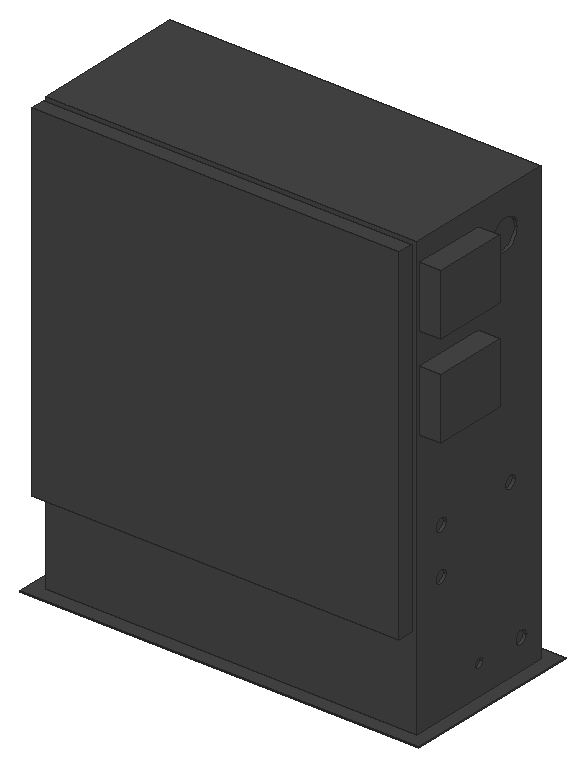
Revit family "SP4180W_Revit", category Mechanical Equipment, Revit 2014
Parameters (values of type "Standard")
  d136 = 0' - 0"
  d134 = 0' - 0"
  d132 = 0' - 0"
  d130 = 2' - 1.752"
  d128 = 2' - 4.472"
  d126 = 1' - 10.407"
  d124 = 0' - 0.2685"
  d118 = 0' - 1.406"
  d116 = 0' - 1.406"
  d114 = 0' - 0 1/4"
  d112 = 0' - 0 1/4"
  d110 = 0' - 0 1/4"
  d108 = 0' - 0 1/4"
  d106 = 0' - 0 1/4"
  d104 = 0' - 0 1/4"
  URL = "www.neptronic.com"
  Part Number = "SP4180W_Shrinkwrap_test"
  Model = "SK302-W, SK304-W, SK306-W"
  Manufacturer = "Neptronic"
  Extrusion_End_2 = -d134  # 0' - 0"
  Extrusion_End_1 = -d132  # 0' - 0"
  Designer = "Antoine"
  Design Status = 1
  Description = "Electric Resistive humidifier Weather proof"
  Date Created = "2014-05-02 07:58:44"
  Connector_9_Diameter = 0' - 0"
  Connector_8_Diameter = 0' - 0"
  Connector_7_Diameter = 0' - 0"
  Connector_6_Diameter = 0' - 0"
  Connector_5_Diameter = 0' - 0"
  Connector_4_Diameter = 0' - 0"
  Connector_3_Diameter = 0' - 0"
  Connector_11_Diameter = 0' - 0"
  Connector_10_Diameter = 0' - 0"
  Author = "Antoine"
Reference planes (in)
  plane 1 "Center (Front/Back)": y = 0
  plane 2: z = 0
  plane 3 "Center (Left/Right)": x = 0
  plane 4: x = 12.876
  plane 5: x = -12.876
  plane 6: z = -62.917
  plane 7: z = -34.445
  plane 8: z = -34.5075
  plane 9: z = -56.9145
  plane 10: y = -5.58567
  plane 11: y = -5.85417
  plane 12: x = 11.981
  plane 13: x = 13.387
  plane 14: x = 11.981
  plane 15: x = 13.387
  plane 16: x = 11.981
  plane 17: x = 11.731
  plane 18: x = 11.981
  plane 19: x = 11.731
  plane 20: x = 11.981
  plane 21: x = 11.731
  plane 22: x = 11.981
  plane 23: x = 11.731
  plane 24: x = 11.981
  plane 25: x = 11.731
  plane 26: x = 11.981
  plane 27: x = 11.731
Forms (in)
  Extrusion 1, solid
    sketch origin (12.876, 0, 0) x (0, -1, 0) y (0, 0, -1)
      loop
        line (6.52467, 62.917) -> (6.52467, 62.978) -> (-5.29033, 62.978) -> (-5.29033, 62.917) -> (6.52467, 62.917)
    from 0 to -25.752
  Extrusion 2, solid
    sketch origin (0, 0, -62.917) x (-1, 0, 0) y (0, -1, 0)
      loop
        line (11.981, -4.44883) -> (11.981, 5.58567) -> (-11.981, 5.58567) -> (-11.981, -4.44883) -> (11.981, -4.44883)
    from 0 to 28.472
  Extrusion 3, solid
    sketch origin (0, 0, -34.5075) x (-1, 0, 0) y (0, -1, 0)
      loop
        line (11.846, 6.85417) -> (-11.846, 6.85417) -> (-11.846, 5.85417) -> (11.846, 5.85417) -> (11.846, 6.85417)
    from 0 to -22.407
  Extrusion 4, solid
    sketch origin (0, -5.58567, 0) x (-1, 0, 0) y (0, 0, -1)
      loop
        line (11.124, 35.258) -> (11.124, 56.165) -> (-11.124, 56.165) -> (-11.124, 35.258) -> (11.124, 35.258)
    from 0 to 0.2685
  Extrusion 5, solid
    sketch origin (11.981, 0, 0) x (0, -1, 0) y (0, 0, -1)
      loop
        line (5.39467, 39.641) -> (0.66967, 39.641) -> (0.66967, 35.691) -> (5.39467, 35.691) -> (5.39467, 39.641)
    from 0 to 1.406
  Extrusion 6, solid
    sketch origin (11.981, 0, 0) x (0, -1, 0) y (0, 0, -1)
      loop
        line (5.39467, 45.641) -> (0.66967, 45.641) -> (0.66967, 41.691) -> (5.39467, 41.691) -> (5.39467, 45.641)
    from 0 to 1.406
  Extrusion 7, void
    sketch origin (11.981, 0, 0) x (0, -1, 0) y (0, 0, -1)
      loop
        circle (-1.53183, 37.138) r 1
    from 0 to -0.25
  Extrusion 8, void
    sketch origin (11.981, 0, 0) x (0, -1, 0) y (0, 0, -1)
      loop
        circle (3.62287, 54.64521) r 0.4375
    from 0 to -0.25
  Extrusion 9, void
    sketch origin (11.981, 0, 0) x (0, -1, 0) y (0, 0, -1)
      loop
        circle (-1.94883, 51.6235) r 0.421
    from 0 to -0.25
  Extrusion 10, void
    sketch origin (11.981, 0, 0) x (0, -1, 0) y (0, 0, -1)
      loop
        circle (0.57317, 60.978) r 0.3125
    from 0 to -0.25
  Extrusion 11, void
    sketch origin (11.981, 0, 0) x (0, -1, 0) y (0, 0, -1)
      loop
        circle (-2.80633, 60.978) r 0.4375
    from 0 to -0.25
  Extrusion 12, void
    sketch origin (11.981, 0, 0) x (0, -1, 0) y (0, 0, -1)
      loop
        circle (3.62287, 51.64521) r 0.4375
    from 0 to -0.25
  Extrusion 13, void
    sketch origin (-11.981, 4.44883, -34.445) x (0, 0, -1) y (0, -1, 0)
      loop
        circle (2.693, 2.961) r 1
    from 0 to -0.25
  Extrusion 14, void
    sketch origin (12.876, -6.52467, -62.978) x (0, 1, 0) y (1, 0, 0)
      loop
        circle (7.035, -6.876) r 0.8065
      loop
        circle (9.309, -13.769) r 0.439
      loop
        circle (5.9075, -12.876) r 0.3125
      loop
        circle (2.9925, -4.31242) r 0.4375
      loop
        circle (2.9925, -7.31242) r 0.4375
    from 0 to -0.25
  Extrusion 15, solid
    sketch origin (12.876, -6.52467, -62.978) x (0, 1, 0) y (1, 0, 0)
      loop
        circle (7.7382, -3.4285) r 0.75
      loop
        circle (7.7382, -3.4285) r 0.5315
    from 0 to 0.25
Cuts and joins
  Extrusion 7, Extrusion 8, Extrusion 9, Extrusion 10, Extrusion 11, Extrusion 12, Extrusion 13, Extrusion 14 cuts Extrusion 1
  Extrusion 7, Extrusion 8, Extrusion 9, Extrusion 10, Extrusion 11, Extrusion 12, Extrusion 13, Extrusion 14 cuts Extrusion 2
  Extrusion 7, Extrusion 8, Extrusion 9, Extrusion 10, Extrusion 11, Extrusion 12, Extrusion 13, Extrusion 14 cuts Extrusion 3
  Extrusion 7, Extrusion 8, Extrusion 9, Extrusion 10, Extrusion 11, Extrusion 12, Extrusion 13, Extrusion 14 cuts Extrusion 4
  Extrusion 7, Extrusion 8, Extrusion 9, Extrusion 10, Extrusion 11, Extrusion 12, Extrusion 13, Extrusion 14 cuts Extrusion 5
  Extrusion 7, Extrusion 8, Extrusion 9, Extrusion 10, Extrusion 11, Extrusion 12, Extrusion 13, Extrusion 14 cuts Extrusion 6
  joined: Extrusion 1, Extrusion 2, Extrusion 3, Extrusion 4, Extrusion 5, Extrusion 6, Extrusion 15
Lines and regions (in)
  reference lines
    curve 1: line (12.876, -6.52467, -62.917) -> (12.876, -6.52467, -62.978)
    curve 2: line (12.876, -6.52467, -62.978) -> (12.876, 5.29033, -62.978)
    curve 3: line (12.876, 5.29033, -62.917) -> (12.876, 5.29033, -62.978)
    curve 4: line (12.876, -6.52467, -62.917) -> (12.876, 5.29033, -62.917)
    curve 5: line (-11.981, 4.44883, -62.917) -> (11.981, 4.44883, -62.917)
    curve 6: line (11.981, 4.44883, -62.917) -> (11.981, -5.58567, -62.917)
    curve 7: line (11.981, -5.58567, -62.917) -> (-11.981, -5.58567, -62.917)
    curve 8: line (-11.981, -5.58567, -62.917) -> (-11.981, 4.44883, -62.917)
    curve 9: line (-11.846, -6.85417, -34.5075) -> (11.846, -6.85417, -34.5075)
    curve 10: line (11.846, -6.85417, -34.5075) -> (11.846, -5.85417, -34.5075)
    curve 11: line (-11.846, -5.85417, -34.5075) -> (11.846, -5.85417, -34.5075)
    curve 12: line (-11.846, -6.85417, -34.5075) -> (-11.846, -5.85417, -34.5075)
    curve 13: line (-11.124, -5.58567, -35.258) -> (11.124, -5.58567, -35.258)
    curve 14: line (11.124, -5.58567, -35.258) -> (11.124, -5.58567, -56.165)
    curve 15: line (11.124, -5.58567, -56.165) -> (-11.124, -5.58567, -56.165)
    curve 16: line (-11.124, -5.58567, -56.165) -> (-11.124, -5.58567, -35.258)
    curve 17: line (11.981, -5.39467, -39.641) -> (11.981, -5.39467, -35.691)
    curve 18: line (11.981, -5.39467, -35.691) -> (11.981, -0.66967, -35.691)
    curve 19: line (11.981, -0.66967, -35.691) -> (11.981, -0.66967, -39.641)
    curve 20: line (11.981, -0.66967, -39.641) -> (11.981, -5.39467, -39.641)
    curve 21: line (11.981, -5.39467, -45.641) -> (11.981, -5.39467, -41.691)
    curve 22: line (11.981, -5.39467, -41.691) -> (11.981, -0.66967, -41.691)
    curve 23: line (11.981, -0.66967, -41.691) -> (11.981, -0.66967, -45.641)
    curve 24: line (11.981, -0.66967, -45.641) -> (11.981, -5.39467, -45.641)
    curve 25: circle (11.981, 1.53183, -37.138) r 1 normal (1, 0, 0)
    curve 26: circle (11.981, -3.62287, -54.64521) r 0.4375 normal (1, 0, 0)
    curve 27: circle (11.981, 1.94883, -51.6235) r 0.421 normal (1, 0, 0)
    curve 28: circle (11.981, -0.57317, -60.978) r 0.3125 normal (1, 0, 0)
    curve 29: circle (11.981, 2.80633, -60.978) r 0.4375 normal (1, 0, 0)
    curve 30: circle (11.981, -3.62287, -51.64521) r 0.4375 normal (1, 0, 0)
    curve 31: circle (-11.981, 1.48783, -37.138) r 1 normal (-1, 0, 0)
    curve 32: circle (6, 0.51033, -62.978) r 0.8065 normal (0, 0, -1)
    curve 33: circle (-0.893, 2.78433, -62.978) r 0.439 normal (0, 0, -1)
    curve 34: circle (0, -0.61717, -62.978) r 0.3125 normal (0, 0, -1)
    curve 35: circle (8.56358, -3.53217, -62.978) r 0.4375 normal (0, 0, -1)
    curve 36: circle (5.56358, -3.53217, -62.978) r 0.4375 normal (0, 0, -1)
    curve 37: circle (9.4475, 1.21353, -62.978) r 0.75 normal (0, 0, -1)
    curve 38: circle (9.4475, 1.21353, -62.978) r 0.5315 normal (0, 0, -1)
Dimensions and locks (in)
  "d130": plane 5 to plane 4
  "d128": plane 6 to plane 7
  "d126": plane 9 to plane 8
  "d124": plane 10 to plane 11
  "d118": plane 12 to plane 13
  "d116": plane 14 to plane 15
  "d114": plane 17 to plane 16
  "d112": plane 19 to plane 18
  "d110": plane 21 to plane 20
  "d108": plane 23 to plane 22
  "d106": plane 25 to plane 24
  "d104": plane 27 to plane 26
  aligned and locked: plane 2 to level
  aligned and locked: plane 5 to Extrusion 1
  aligned and locked: Extrusion 1 to plane 4
  aligned and locked: Extrusion 1 sketch curve to curve 1
  aligned and locked: Extrusion 1 sketch curve to curve 2
  aligned and locked: Extrusion 1 sketch curve to curve 3
  aligned and locked: Extrusion 1 sketch curve to curve 4
  aligned and locked: plane 7 to Extrusion 2
  aligned and locked: Extrusion 2 to plane 6
  aligned and locked: Extrusion 2 sketch curve to curve 5
  aligned and locked: Extrusion 2 sketch curve to curve 6
  aligned and locked: Extrusion 2 sketch curve to curve 7
  aligned and locked: Extrusion 2 sketch curve to curve 8
  aligned and locked: plane 9 to Extrusion 3
  aligned and locked: Extrusion 3 to plane 8
  aligned and locked: Extrusion 3 sketch curve to curve 9
  aligned and locked: Extrusion 3 sketch curve to curve 10
  aligned and locked: Extrusion 3 sketch curve to curve 11
  aligned and locked: Extrusion 3 sketch curve to curve 12
  aligned and locked: plane 11 to Extrusion 4
  aligned and locked: Extrusion 4 to plane 10
  aligned and locked: Extrusion 4 sketch curve to curve 13
  aligned and locked: Extrusion 4 sketch curve to curve 14
  aligned and locked: Extrusion 4 sketch curve to curve 15
  aligned and locked: Extrusion 4 sketch curve to curve 16
  aligned and locked: plane 13 to Extrusion 5
  aligned and locked: Extrusion 5 to plane 12
  aligned and locked: Extrusion 5 sketch curve to curve 17
  aligned and locked: Extrusion 5 sketch curve to curve 18
  aligned and locked: Extrusion 5 sketch curve to curve 19
  aligned and locked: Extrusion 5 sketch curve to curve 20
  aligned and locked: plane 15 to Extrusion 6
  aligned and locked: Extrusion 6 to plane 14
  aligned and locked: Extrusion 6 sketch curve to curve 21
  aligned and locked: Extrusion 6 sketch curve to curve 22
  aligned and locked: Extrusion 6 sketch curve to curve 23
  aligned and locked: Extrusion 6 sketch curve to curve 24
  aligned and locked: Extrusion 7 to plane 17
  aligned and locked: plane 16 to Extrusion 7
  aligned and locked: Extrusion 7 sketch curve to curve 25  (x2)
  aligned and locked: Extrusion 8 to plane 19
  aligned and locked: plane 18 to Extrusion 8
  aligned and locked: Extrusion 8 sketch curve to curve 26  (x2)
  aligned and locked: Extrusion 9 to plane 21
  aligned and locked: plane 20 to Extrusion 9
  aligned and locked: Extrusion 9 sketch curve to curve 27  (x2)
  aligned and locked: Extrusion 10 to plane 23
  aligned and locked: plane 22 to Extrusion 10
  aligned and locked: Extrusion 10 sketch curve to curve 28  (x2)
  aligned and locked: Extrusion 11 to plane 25
  aligned and locked: plane 24 to Extrusion 11
  aligned and locked: Extrusion 11 sketch curve to curve 29  (x2)
  aligned and locked: Extrusion 12 to plane 27
  aligned and locked: plane 26 to Extrusion 12
  aligned and locked: Extrusion 12 sketch curve to curve 30  (x2)
  aligned and locked: Extrusion 13 sketch curve to curve 31  (x2)
  aligned and locked: Extrusion 14 sketch curve to curve 32  (x2)
  aligned and locked: Extrusion 14 sketch curve to curve 33  (x2)
  aligned and locked: Extrusion 14 sketch curve to curve 34  (x2)
  aligned and locked: Extrusion 14 sketch curve to curve 35  (x2)
  aligned and locked: Extrusion 14 sketch curve to curve 36  (x2)
  aligned and locked: Extrusion 15 sketch curve to curve 37  (x2)
  aligned and locked: Extrusion 15 sketch curve to curve 38  (x2)
Connectors (in)
  electrical at (11.981, -3.62287, -51.64521)
    settings: on cut or joined group 1 (Extrusion 1, Extrusion 2, Extrusion 3, Extrusion 4, Extrusion 5, Extrusion 6, Extrusion 7, Extrusion 8, Extrusion 9, Extrusion 10, Extrusion 11, Extrusion 12, Extrusion 13, Extrusion 14, Extrusion 15), index 1, voltage 0 V, apparent load 0 VA, apparent load phase1 0 VA, apparent load phase2 0 VA, apparent load phase3 0 VA, power factor 0, load classification "Other", number of poles 1, system type 30, power factor state 1, is connector primary yes, connector utility no, sub classification motor no, connector description "Power Supply (KO)"
  electrical at (11.981, -3.62287, -54.64521)
    settings: on cut or joined group 1, index 2, voltage 0 V, apparent load 0 VA, apparent load phase1 0 VA, apparent load phase2 0 VA, apparent load phase3 0 VA, power factor 1, load classification "Other", number of poles 1, system type 13, power factor state 1, is connector primary no, connector utility no, sub classification motor no, connector description "Low Voltage Control (KO)"
  piping at (11.981, 2.80633, -60.978), driven by "Connector_3_Diameter"
    settings: on cut or joined group 1, index 3, connector diameter 0", connector inside diameter 24", connector length 0' - 0", flow factor 0, pipe flow 0 GPM, pressure drop 0.00 psi, fitting loss kfactor 0, connector angle 0.00°, fixture units 0, engagement length 0' - 0", angle of deflection 0.00°, flow configuration 1, flow direction 2, fitting loss method 0, system type 16, joint type 0, gender type 0, connector reference index -1, connector utility 0, adjustable connector no, is connector primary yes, connector description "Main Drain 3/4''"
  piping at (11.981, -0.57317, -60.978), driven by "Connector_4_Diameter"
    settings: on cut or joined group 1, index 4, connector diameter 0", connector inside diameter 24", connector length 0' - 0", flow factor 0, pipe flow 0 GPM, pressure drop 0.00 psi, fitting loss kfactor 0, connector angle 0.00°, fixture units 0, engagement length 0' - 0", angle of deflection 0.00°, flow configuration 1, flow direction 2, fitting loss method 0, system type 16, joint type 0, gender type 0, connector reference index -1, connector utility 0, adjustable connector no, is connector primary no, connector description "Pan drain 1/2''"
  piping at (11.981, 1.94883, -51.6235), driven by "Connector_5_Diameter"
    settings: on cut or joined group 1, index 5, connector diameter 0", connector inside diameter 24", connector length 0' - 0", flow factor 0, pipe flow 0 GPM, pressure drop 0.00 psi, fitting loss kfactor 0, connector angle 0.00°, fixture units 0, engagement length 0' - 0", angle of deflection 0.00°, flow configuration 1, flow direction 1, fitting loss method 0, system type 20, joint type 0, gender type 0, connector reference index -1, connector utility 0, adjustable connector no, is connector primary no, connector description "Supply Water 1/2'' NPT"
  hvac at (11.981, 1.53183, -37.138), driven by "Connector_6_Diameter"
    settings: on cut or joined group 1, index 6, duct flow 0 CFM, flow factor 0, pres drop 0.00 in-wg, loss coef 0, conn angle 0.00°, conn width 12", conn height 12", conn diameter 0", duct sys type 1, conn prof type 0, flow config 1, flow direction 2, loss method 0, conn ref index -1, conn util no, is conn primary yes, conn desc "(OPTION) Steam Outlet 1 3/8''"
  hvac at (-11.981, 1.48783, -37.138), driven by "Connector_7_Diameter"
    settings: on cut or joined group 1, index 7, duct flow 0 CFM, flow factor 0, pres drop 0.00 in-wg, loss coef 0, conn angle 0.00°, conn width 12", conn height 12", conn diameter 0", duct sys type 1, conn prof type 0, flow config 1, flow direction 2, loss method 0, conn ref index -1, conn util no, is conn primary no, conn desc "(STD) Steam outlet 1 3/8''"
  hvac at (6, 0.51033, -62.978), driven by "Connector_8_Diameter"
    settings: on cut or joined group 1, index 8, duct flow 0 CFM, flow factor 0, pres drop 0.00 in-wg, loss coef 0, conn angle 0.00°, conn width 12", conn height 12", conn diameter 0", duct sys type 1, conn prof type 0, flow config 1, flow direction 2, loss method 0, conn ref index -1, conn util no, is conn primary no, conn desc "(OPTION: roof curb) Steam Outlet 1 3/8''"
  piping at (0, -0.61717, -62.978), driven by "Connector_9_Diameter"
    settings: on cut or joined group 1, index 9, connector diameter 0", connector inside diameter 24", connector length 0' - 0", flow factor 0, pipe flow 0 GPM, pressure drop 0.00 psi, fitting loss kfactor 0, connector angle 0.00°, fixture units 0, engagement length 0' - 0", angle of deflection 0.00°, flow configuration 1, flow direction 2, fitting loss method 0, system type 16, joint type 0, gender type 0, connector reference index -1, connector utility 0, adjustable connector no, is connector primary no, connector description "(OPTION : Roof curb) Pan drain 1/2''"
  piping at (-0.893, 2.78433, -62.978), driven by "Connector_10_Diameter"
    settings: on cut or joined group 1, index 10, connector diameter 0", connector inside diameter 24", connector length 0' - 0", flow factor 0, pipe flow 0 GPM, pressure drop 0.00 psi, fitting loss kfactor 0, connector angle 0.00°, fixture units 0, engagement length 0' - 0", angle of deflection 0.00°, flow configuration 1, flow direction 2, fitting loss method 0, system type 16, joint type 0, gender type 0, connector reference index -1, connector utility 0, adjustable connector no, is connector primary no, connector description "(OPTION: Roof curb) Main drain 3/4''"
  piping at (9.4475, 1.21353, -63.228), driven by "Connector_11_Diameter"
    settings: on cut or joined group 1, index 11, connector diameter 0", connector inside diameter 24", connector length 0' - 0", flow factor 0, pipe flow 0 GPM, pressure drop 0.00 psi, fitting loss kfactor 0, connector angle 0.00°, fixture units 0, engagement length 0' - 0", angle of deflection 0.00°, flow configuration 1, flow direction 1, fitting loss method 0, system type 20, joint type 0, gender type 0, connector reference index -1, connector utility 0, adjustable connector no, is connector primary no, connector description "(OPTION: Roof curb) Water Inlet 1/2'' NPT"
  electrical at (8.56358, -3.53217, -62.978)
    settings: on cut or joined group 1, index 12, voltage 0 V, apparent load 0 VA, apparent load phase1 0 VA, apparent load phase2 0 VA, apparent load phase3 0 VA, power factor 0, load classification "Other", number of poles 1, system type 30, power factor state 1, is connector primary no, connector utility no, sub classification motor no, connector description "(OPTION: Roof Curb) Power supply (KO hole)"
  electrical at (5.56358, -3.53217, -62.978)
    settings: on cut or joined group 1, index 13, voltage 0 V, apparent load 0 VA, apparent load phase1 0 VA, apparent load phase2 0 VA, apparent load phase3 0 VA, power factor 1, load classification "Other", number of poles 1, system type 13, power factor state 1, is connector primary no, connector utility no, sub classification motor no, connector description "(OPTION: Roof Curb) Electrical Control (KO hole)"
